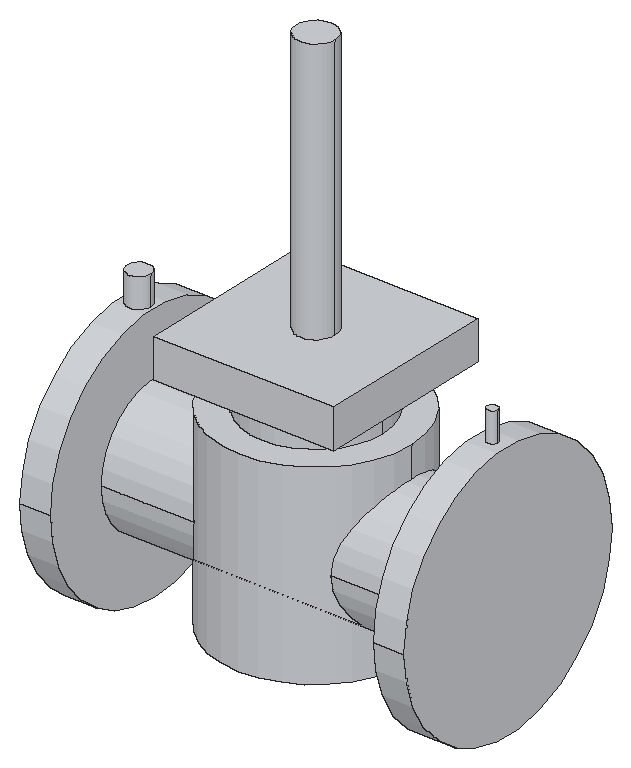
Revit family "OPTIMA_Compact_FLANGE_PN16_DN125-LF_RFA_2019", category Pipe Accessories, Revit 2019
Family settings
  Round Connector Dimension = Use Diameter
  Part Type = Valve - Breaks Into
  Work Plane-Based = No
  Always vertical = Yes
  Cut with Voids When Loaded = No
  Shared = No
Parameters (values of type "Optima Compact Flange PN16 DN125 LF")
  magiProductId = "Frese Optima Flange DN125 LF"
  magiProductFamilyId = "Frese Optima Flange *"
  magiPartTypeId = 304
  isMeasuringValve [instance] = no
  ang2D [instance] = 0.00°
  W2D = 50 mm
  VersionID = "2.0/2018.8.28.1/FRESE_OPTIMA_FLANGE_Q13_002"
  Use Minimum Symbol Size [instance] = yes
  URL = "www.hydronic.cz"
  Type Comments = "Přírubový; PN16; 0~120°C, s měřením"
  R4 = 70 mm
  R3 = 70.2 mm
  R1 = 100 mm
  QmdConnectorList = "301;D;302;D"
  Productdata [instance] = ""
  Manufacturer = "Hydronic Systems Prague s.r.o."
  MC Product Code = "53-1204 (DN125 LF; 40mm; pohon min 1000N; Qmin-dpmin 18500l/h-16.0kPa; Qmax-dpmin 110000l/h-35.0kPa; dpmax 800kPa)"
  MC Piping Given Pressure Drop [instance] = 0.0 Pa
  LF__ve = -LF  # -32 mm
  LF2 = 16 mm
  LF = 32 mm
  L4 = 188 mm
  L3 = 336 mm
  L2D_Min = 3048 mm
  L2D = 230 mm
  L2 = 200 mm
  H6 = 275.5 mm
  H4 = 40.5 mm
  H3 = 33.75 mm
  H2 = 101.25 mm
  H1 = 202.5 mm
  Description = "Tlakově nezávislý 2-cestný regulační vyvažovací ventil (PICV)"
  DF2 = 135 mm
  D = 125 mm
  CAT0 = yes
Types (14, lengths in mm): name | magiProductId | magiProductFamilyId | W2D | Type Comments | R4 | R3 | R1 | MC Product Code | LF__ve | LF2 | LF | L4 | L3 | L2D | L2 | H6 | H4 | H3 | H2 | H1 | DF2 | D
  Optima Compact Flange PN16 DN050 LF | "Frese Optima Flange DN050 LF" | "Frese Optima Flange *" | 50 | "Přírubový; PN16; 0~120°C, s měřením" | 40.3 | 42.9 | 57.5 | "53-1200 (DN50 LF; 20mm; pohon min 1000N; Qmin-dpmin 2500l/h-6.5kPa; Qmax-dpmin 15000l/h-20.0kPa; dpmax 800kPa)" | -18.4 | 9.2 | 18.4 | 108.1 | 193.2 | 230 | 115 | 157.3 | 24.8 | 20.6 | 61.9 | 123.8 | 82.5 | 50
  Optima Compact Flange PN16 DN050 HF | "Frese Optima Flange DN050 HF" | "Frese Optima Flange *" | 50 | "Přírubový; PN16; 0~120°C, s měřením" | 40.25 | 42.9 | 57.5 | "53-1210 (DN50 HF; 20mm; pohon min 1000N; Qmin-dpmin 3900l/h-19.0kPa; Qmax-dpmin 24000l/h-50.0kPa; dpmax 800kPa)" | -18.4 | 9.2 | 18.4 | 108.1 | 193.2 | 230 | 115 | 157.25 | 24.75 | 20.625 | 61.875 | 123.75 | 82.5 | 50
  Optima Compact Flange PN16 DN065 LF | "Frese Optima Flange DN065 LF" | "Frese Optima Flange *" | 50 | "Přírubový; PN16; 0~120°C, s měřením" | 50.75 | 48.1 | 72.5 | "53-1201 (DN65 LF; 20mm; pohon min 1000N; Qmin-dpmin 4400l/h-15.0kPa; Qmax-dpmin 25000l/h-25.0kPa; dpmax 800kPa)" | -23.2 | 11.6 | 23.2 | 136.3 | 243.6 | 230 | 145 | 171.25 | 27.75 | 23.125 | 69.375 | 138.75 | 92.5 | 65
  Optima Compact Flange PN16 DN065 HF | "Frese Optima Flange DN065 HF" | "Frese Optima Flange *" | 50 | "Přírubový; PN16; 0~120°C, s měřením" | 50.75 | 48.1 | 72.5 | "53-1211 (DN65 HF; 20mm; pohon min 1000N; Qmin-dpmin 6000l/h-30.0kPa; Qmax-dpmin 35000l/h-55.0kPa; dpmax 800kPa)" | -23.2 | 11.6 | 23.2 | 136.3 | 243.6 | 230 | 145 | 171.25 | 27.75 | 23.125 | 69.375 | 138.75 | 92.5 | 65
  Optima Compact Flange PN16 DN080 LF | "Frese Optima Flange DN080 LF" | "Frese Optima Flange *" | 50 | "Přírubový; PN16; 0~120°C, s měřením" | 54.25 | 52 | 77.5 | "53-1202 (DN80 LF; 20mm; pohon min 1000N; Qmin-dpmin 5300l/h-16.0kPa; Qmax-dpmin 34000l/h-25.0kPa; dpmax 800kPa)" | -24.8 | 12.4 | 24.8 | 145.7 | 260.4 | 230 | 155 | 183 | 30 | 25 | 75 | 150 | 100 | 80
  Optima Compact Flange PN16 DN080 HF | "Frese Optima Flange DN080 HF" | "Frese Optima Flange *" | 50 | "Přírubový; PN16; 0~120°C, s měřením" | 54.25 | 52 | 77.5 | "53-1212 (DN80 HF; 20mm; pohon min 1000N; Qmin-dpmin 7000l/h-23.0kPa; Qmax-dpmin 43000l/h-50.0kPa; dpmax 800kPa)" | -24.8 | 12.4 | 24.8 | 145.7 | 260.4 | 230 | 155 | 183 | 30 | 25 | 75 | 150 | 100 | 80
  Optima Compact Flange PN16 DN100 LF | "Frese Optima Flange DN100 LF" | "Frese Optima Flange *" | 50 | "Přírubový; PN16; 0~120°C, s měřením" | 61.25 | 61.1 | 87.5 | "53-1203 (DN100 LF; 40mm; pohon min 1000N; Qmin-dpmin 12100l/h-20.0kPa; Qmax-dpmin 68000l/h-35.0kPa; dpmax 800kPa)" | -28 | 14 | 28 | 164.5 | 294 | 230 | 175 | 268.75 | 35.25 | 29.375 | 88.125 | 176.25 | 117.5 | 100
  Optima Compact Flange PN16 DN100 HF | "Frese Optima Flange DN100 HF" | "Frese Optima Flange *" | 50 | "Přírubový; PN16; 0~120°C, s měřením" | 61.25 | 61.1 | 87.5 | "53-1213 (DN100 HF; 40mm; pohon min 1000N; Qmin-dpmin 14800l/h-30.0kPa; Qmax-dpmin 90000l/h-75.0kPa; dpmax 800kPa)" | -28 | 14 | 28 | 164.5 | 294 | 230 | 175 | 268.75 | 35.25 | 29.375 | 88.125 | 176.25 | 117.5 | 100
  Optima Compact Flange PN16 DN125 LF | "Frese Optima Flange DN125 LF" | "Frese Optima Flange *" | 50 | "Přírubový; PN16; 0~120°C, s měřením" | 70 | 70.2 | 100 | "53-1204 (DN125 LF; 40mm; pohon min 1000N; Qmin-dpmin 18500l/h-16.0kPa; Qmax-dpmin 110000l/h-35.0kPa; dpmax 800kPa)" | -32 | 16 | 32 | 188 | 336 | 230 | 200 | 275.5 | 40.5 | 33.75 | 101.25 | 202.5 | 135 | 125
  Optima Compact Flange PN16 DN125 HF | "Frese Optima Flange DN125 HF" | "Frese Optima Flange *" | 50 | "Přírubový; PN16; 0~120°C, s měřením" | 70 | 70.2 | 100 | "53-1214 (DN125 HF; 40mm; pohon min 1000N; Qmin-dpmin 23000l/h-27.0kPa; Qmax-dpmin 135000l/h-53.0kPa; dpmax 800kPa)" | -32 | 16 | 32 | 188 | 336 | 230 | 200 | 275.5 | 40.5 | 33.75 | 101.25 | 202.5 | 135 | 125
  Optima Compact Flange PN16 DN150 LF | "Frese Optima Flange DN150 LF" | "Frese Optima Flange *" | 50 | "Přírubový; PN16; 0~110°C, s měřením" | 84 | 74.1 | 120 | "53-1205 (DN150 LF; 43mm; pohon min 1500N; Qmin-dpmin 25600l/h-21.0kPa; Qmax-dpmin 148000l/h-35.0kPa; dpmax 800kPa)" | -38.4 | 19.2 | 38.4 | 225.6 | 403.2 | 230 | 240 | 279.25 | 42.75 | 35.625 | 106.875 | 213.75 | 142.5 | 150
  Optima Compact Flange PN16 DN150 HF | "Frese Optima Flange DN150 HF" | "Frese Optima Flange *" | 50 | "Přírubový; PN16; 0~110°C, s měřením" | 84 | 74.1 | 120 | "53-1215 (DN150 HF; 43mm; pohon min 1500N; Qmin-dpmin 32000l/h-33.0kPa; Qmax-dpmin 195000l/h-65.0kPa; dpmax 800kPa)" | -38.4 | 19.2 | 38.4 | 225.6 | 403.2 | 230 | 240 | 279.25 | 42.75 | 35.625 | 106.875 | 213.75 | 142.5 | 150
  Optima Compact Flange PN16 DN200 LF | "" | "" | 100 | "Přírubový; PN16; 0~110°C, s měřením" | 164.5 | 98.8 | 235 | "53-1206 (DN200 LF; 43mm; pohon min 1500N; Qmin-dpmin 95000l/h-11.0kPa; Qmax-dpmin 210000l/h-32.0kPa; dpmax 800kPa)" | -48 | 24 | 48 | 282 | 504 | 350 | 300 | 281 | 57 | 15 | 209 | 380 | 190 | 200
  Optima Compact Flange PN16 DN200 HF | "" | "" | 100 | "Přírubový; PN16; 0~110°C, s měřením" | 164.5 | 98.8 | 235 | "53-1216 (DN200 HF; 43mm; pohon min 1500N; Qmin-dpmin 130000l/h-31.0kPa; Qmax-dpmin 280000l/h-78.0kPa; dpmax 800kPa)" | -48 | 24 | 48 | 282 | 504 | 350 | 300 | 281 | 57 | 15 | 209 | 380 | 190 | 200
Reference planes
  plane 1 "Center (Front/Back)": y = 0
  plane 2 "XYPLANE": z = 0
  plane 3 "Center (Left/Right)": x = 0
  plane 4 "157": x = 184
  plane 5 "156": x = -184
  plane 6 "155": z = 135
  plane 7 "154": z = 175.5
  plane 8 "153": z = 135
  plane 9 "152": z = 101.25
  plane 10 "151": x = -168
  plane 11 "150": z = -101.25
  plane 12 "149": x = 0
  plane 13 "148": y = 0
  plane 14 "147": z = 0
  plane 15 "146": x = -200
  plane 16 "145": x = 200
Forms (mm)
  Extrusion 1, solid, visible <- "CAT0"
    sketch origin (-750, 0, 135) x (1, 0, 0) y (0, 1, 0)
      loop
        circle (934, 0) r 5.5
    from 0 to 30
  Extrusion 2, solid, visible <- "CAT0"
    sketch origin (-750, 0, 135) x (1, 0, 0) y (0, 1, 0)
      loop
        circle (566, 0) r 12.3
    from 0 to 30
  Extrusion 3, solid, visible <- "CAT0"
    sketch origin (-750, 0, 175.5) x (1, 0, 0) y (0, 1, 0)
      loop
        circle (750, 0) r 20
    from 0 to 275.5 <- "H6"
  Extrusion 4, solid, visible <- "CAT0"
    sketch origin (-750, 0, 135) x (1, 0, 0) y (0, 1, 0)
      loop
        line (844, 94) -> (656, 94) -> (656, -94) -> (844, -94) -> (844, 94)
    from 0 to 40.5 <- "H4"
  Extrusion 5, solid, visible <- "CAT0"
    sketch origin (-750, 0, 101.25) x (1, 0, 0) y (0, 1, 0)
      loop
        circle (750, 0) r 70
    from 0 to 33.75 <- "H3"
  Extrusion 6, solid, visible <- "CAT0"
    sketch origin (-168, -750, 0) x (0, 1, 0) y (0, 0, 1)
      loop
        circle (750, 0) r 70.2
    from 0 to 336 <- "L3"
  Extrusion 7, solid, visible <- "CAT0"
    sketch origin (-750, 0, -101.25) x (1, 0, 0) y (0, 1, 0)
      loop
        circle (750, 0) r 100
    from 0 to 202.5 <- "H1"
  Extrusion 8, solid, visible <- "CAT0"
    sketch origin (-200, -750, 0) x (0, 1, 0) y (0, 0, 1)
      loop
        circle (750, 0) r 135
    from 0 to 32 <- "LF"
  Extrusion 9, solid, visible <- "CAT0"
    sketch origin (200, -750, 0) x (0, 1, 0) y (0, 0, 1)
      loop
        circle (750, 0) r 135
    from 0 to -32 <- "LF__ve"
  Extrusion 10, solid, not visible
    sketch origin (-200, -750, 0) x (0, 1, 0) y (0, 0, 1)
      loop
        circle (750, 0) r 10
    from 0 to 10
  Extrusion 11, solid, not visible
    sketch origin (200, -750, 0) x (0, 1, 0) y (0, 0, 1)
      loop
        circle (750, 0) r 10
    from 0 to -10
Lines and regions (mm)
  reference lines, not visible
    curve 1: circle (2, 2, 0) r 1 normal (0, 0, 1)
  reference lines
    curve 2: circle (0, 0, 135) r 1 normal (0, 0, 1)
Dimensions and locks
  plane 1 "Center (Front/Back)" to curve 1 = 2 mm
  "LF2": plane 16 "145" to plane 4 "157"
  "LF2": plane 15 "146" to plane 5 "156"
  "DF2": plane 2 "XYPLANE" to plane 6 "155"
  "H4": plane 8 "153" to plane 7 "154"
  "H3": plane 9 "152" to plane 8 "153"
  "H1": plane 11 "150" to plane 9 "152"
  "LF": plane 15 "146" to plane 10 "151"
  "H2": plane 2 "XYPLANE" to plane 11 "150"
  locked: plane 3 "Center (Left/Right)" to plane 12 "149"
  locked: plane 1 "Center (Front/Back)" to plane 13 "148"
  locked: plane 2 "XYPLANE" to plane 14 "147"
  "L2": plane 3 "Center (Left/Right)" to plane 15 "146"
  "L2": plane 3 "Center (Left/Right)" to plane 16 "145"
  equal spacing: Extrusion 4 sketch curve, curve 2, Extrusion 4 sketch curve  (x2)
  "L4": Extrusion 4 sketch curve to Extrusion 4 sketch curve  (x2)
  Extrusion 4 sketch curve to Extrusion 4 sketch curve = 0 mm  (x8)
  "R4": radius of Extrusion 5 sketch curve
  "R3": radius of Extrusion 6 sketch curve
  "R1": radius of Extrusion 7 sketch curve
  "DF2": radius of Extrusion 8 sketch curve
  "DF2": radius of Extrusion 9 sketch curve
  aligned and locked: level to plane 2 "XYPLANE"
  aligned and locked: plane 4 "157" to Extrusion 1 sketch curve
  aligned and locked: plane 13 "148" to Extrusion 1 sketch curve
  aligned and locked: plane 5 "156" to Extrusion 2 sketch curve
  aligned and locked: plane 13 "148" to Extrusion 2 sketch curve
  aligned and locked: plane 12 "149" to Extrusion 3 sketch curve
  aligned and locked: plane 13 "148" to Extrusion 3 sketch curve
  aligned and locked: plane 12 "149" to curve 2
  aligned and locked: plane 13 "148" to curve 2
  aligned and locked: plane 12 "149" to Extrusion 5 sketch curve
  aligned and locked: plane 13 "148" to Extrusion 5 sketch curve
  aligned and locked: Extrusion 6 sketch curve to plane 13 "148"
  aligned and locked: plane 14 "147" to Extrusion 6 sketch curve
  aligned and locked: plane 12 "149" to Extrusion 7 sketch curve
  aligned and locked: plane 13 "148" to Extrusion 7 sketch curve
  aligned and locked: Extrusion 8 sketch curve to plane 13 "148"
  aligned and locked: plane 14 "147" to Extrusion 8 sketch curve
  aligned and locked: Extrusion 9 sketch curve to plane 13 "148"
  aligned and locked: plane 14 "147" to Extrusion 9 sketch curve
  aligned and locked: Extrusion 10 sketch curve to plane 13 "148"
  aligned and locked: plane 14 "147" to Extrusion 10 sketch curve
  aligned and locked: Extrusion 11 sketch curve to plane 13 "148"
  aligned and locked: plane 14 "147" to Extrusion 11 sketch curve
Automatic sketch dimensions
  Extrusion 1 sketch curve to plane 4 "157" = 5.5 mm
  plane 15 "146" to Extrusion 2 sketch curve = 3.7 mm
  Extrusion 3 sketch curve to plane 3 "Center (Left/Right)" = 20 mm
  plane 1 "Center (Front/Back)" to Extrusion 10 sketch curve = 10 mm
  plane 1 "Center (Front/Back)" to Extrusion 11 sketch curve = 10 mm
  plane 3 "Center (Left/Right)" to curve 1 = 2 mm
  plane 10 "151" to Extrusion 4 sketch curve = 74 mm
  plane 1 "Center (Front/Back)" to Extrusion 4 sketch curve = 94 mm
  radius of curve 2 = 1 mm
  radius of curve 1 = 1 mm
Connectors
  piping at (-200, 0, 0), diameter 125, driven by "D"
    settings: on Extrusion 10, index 1, connector inside diameter 609.6 mm, connector length 0 mm, flow factor 0, pipe flow 0.0 L/s, pressure drop 0.0 Pa, fitting loss kfactor 0, connector angle 0.00°, fixture units 0, engagement length 0 mm, angle of deflection 0.00°, flow configuration 0, flow direction 0, fitting loss method 0, system type 29, joint type 0, gender type 0, connector reference index 2, connector utility 0, adjustable connector no, is connector primary yes, connector description ""
  piping at (200, 0, 0), diameter 125, driven by "D"
    settings: on Extrusion 11, index 2, connector inside diameter 609.6 mm, connector length 0 mm, flow factor 0, pipe flow 0.0 L/s, pressure drop 0.0 Pa, fitting loss kfactor 0, connector angle 0.00°, fixture units 0, engagement length 0 mm, angle of deflection 0.00°, flow configuration 0, flow direction 0, fitting loss method 0, system type 29, joint type 0, gender type 0, connector reference index 1, connector utility 0, adjustable connector no, is connector primary no, connector description ""
